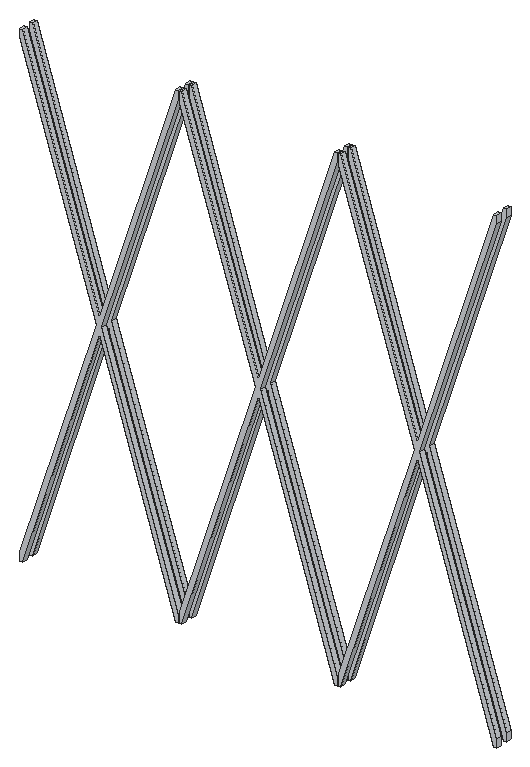
Revit family "873ad4df41d849138c997d43d0286210", category Generic Models, Revit 2021
Family settings
  Can host rebar = No
  Round Connector Dimension = Use Diameter
  Part Type = Normal
  Work Plane-Based = No
  Always vertical = Yes
  Cut with Voids When Loaded = No
  Shared = Yes
  Room Calculation Point = No
Parameters
  Width [instance] = 4' - 0"
  Thickness = 0' - 0 1/2"
  Height [instance] = 4' - 0"
  Interior Material [instance] = none
  Exterior Material [instance] = none
  Distance = 0' - 0 3/4"
  Default Elevation = 0' - 0"
Reference planes (in)
  plane 1 "Center (Front/Back)": y = 0
  plane 2: z = 0
  plane 3 "Center (Left/Right)": x = 0
  plane 4: z = 48
  plane 5: x = -24
  plane 6: x = 24
  plane 7: z = 24
  plane 8: x = -8
  plane 9: x = 8
Dimensions and locks (in)
  equal spacing: plane 6, plane 3 "Center (Left/Right)", plane 5
  "Width": plane 6 to plane 5
  "Height": plane 4 to plane 2
  equal spacing: plane 4, plane 7, plane 2
  equal spacing: plane 6, plane 9, plane 8, plane 5
  aligned and locked: plane 2 to level
  aligned and locked: plane 1 "Center (Front/Back)" to nested 1
  aligned and locked: plane 1 "Center (Front/Back)" to nested 2
  aligned and locked: plane 1 "Center (Front/Back)" to nested 3
  aligned and locked: plane 5 to nested 1
  aligned and locked: plane 8 to nested 1
  aligned and locked: plane 8 to nested 2
  aligned and locked: plane 9 to nested 2
  aligned and locked: plane 9 to nested 3
  aligned and locked: plane 6 to nested 3
  aligned and locked: plane 4 to nested 3
  aligned and locked: plane 4 to nested 2
  aligned and locked: plane 4 to nested 1
  aligned and locked: plane 2 to nested 1
  aligned and locked: plane 2 to nested 3
  aligned and locked: plane 2 to nested 2
Nested families (in)
  nested 1: "Muntin Pattern_Diamond" at (-16, 0, 0), Exterior Material <- "Exterior Material", Interior Material <- "Interior Material", type "Muntin Pattern_Diamond"
    with W 1' - 4", Interior Material none, H 4' - 0", Exterior Material none
  nested 2: "Muntin Pattern_Diamond" at (0, 0, 0), Exterior Material <- "Exterior Material", Interior Material <- "Interior Material", type "Muntin Pattern_Diamond"
    with W 1' - 4", Interior Material none, H 4' - 0", Exterior Material none
  nested 3: "Muntin Pattern_Diamond" at (16, 0, 0), Exterior Material <- "Exterior Material", Interior Material <- "Interior Material", type "Muntin Pattern_Diamond"
    with W 1' - 4", Interior Material none, H 4' - 0", Exterior Material none
Definition of nested family "Muntin Pattern_Diamond"
  Parameters (values of type "Muntin Pattern_Diamond")
    W [instance] = 4' - 0"
    Thickness = 0' - 0 1/2"
    H [instance] = 4' - 0"
    Interior Material [instance] = none
    Distance = 0' - 0 3/4"
    Exterior Material [instance] = none
    Default Elevation = 0' - 0"
  Reference planes (in)
    plane 1 "Center (Front/Back)": y = 0
    plane 2: z = 0
    plane 3 "Center (Left/Right)": x = 0
    plane 4: z = 48
    plane 5: x = -24
    plane 6: x = 24
    plane 7: z = 24
    plane 8: y = 0.375
    plane 9: y = -0.375
    plane 10: y = 0.875
    plane 11: y = -0.875
  Forms (in)
    Extrusion 1, solid, material <- "Exterior Material", detail levels fine
      sketch origin (-24, 0, 48) x (0.707107, 0, -0.707107) y (0.707107, 0, 0.707107)
        loop
          line (0, 0.25) -> (0, -0.25) -> (67.88225, -0.25) -> (67.88225, 0.25) -> (0, 0.25)
      from -0.875 to -0.375
    Extrusion 2, solid, material <- "Exterior Material", detail levels fine
      sketch origin (24, 0, 48) x (-0.707107, 0, -0.707107) y (0.707107, 0, -0.707107)
        loop
          line (67.88225, 0.25) -> (0, 0.25) -> (0, -0.25) -> (67.88225, -0.25) -> (67.88225, 0.25)
      from -0.875 to -0.375
    Extrusion 3, void
      sketch origin (0, 0, 0) x (1, 0, 0) y (0, 0, 1)
        loop
          line (-24, 48) -> (-24, 0) -> (24, 0) -> (24, 48) -> (-24, 48)
        loop
          line (-24.5, 48.5) -> (-24.5, -0.5) -> (24.5, -0.5) -> (24.5, 48.5) -> (-24.5, 48.5)
      from -0.875 to 0.875
    Extrusion 4, solid, material <- "Interior Material", detail levels fine
      sketch origin (-24, 0, 48) x (0.707107, 0, -0.707107) y (0.707107, 0, 0.707107)
        loop
          line (0, 0.25) -> (0, -0.25) -> (67.88225, -0.25) -> (67.88225, 0.25) -> (0, 0.25)
      from 0.375 to 0.875
    Extrusion 5, solid, material <- "Interior Material", detail levels fine
      sketch origin (24, 0, 48) x (-0.707107, 0, -0.707107) y (0.707107, 0, -0.707107)
        loop
          line (0, -0.25) -> (67.88225, -0.25) -> (67.88225, 0.25) -> (0, 0.25) -> (0, -0.25)
      from 0.375 to 0.875
  Cuts and joins
    Extrusion 3 cuts Extrusion 1
    Extrusion 3 cuts Extrusion 2
    joined: Extrusion 1, Extrusion 2
    Extrusion 3 cuts Extrusion 4
    Extrusion 3 cuts Extrusion 5
    joined: Extrusion 4, Extrusion 5
  Lines and regions (in)
    reference lines
      curve 1: line (-24, 0, 48) -> (24, 0, 0)
      curve 2: line (24, 0, 48) -> (-24, 0, 0)
      curve 3: line (-24, 0, 48) -> (-17.98959, 0, 54.01041)
      curve 4: line (24, 0, 0) -> (31.6014, 0, 7.6014)
      curve 5: line (-21.20495, 0, 44.8514) -> (16.78122, 0, 6.86522)
      curve 6: line (-20.8514, 0, 45.20495) -> (17.13478, 0, 7.21878)
      curve 7: line (24, 0, 48) -> (18.87348, 0, 53.12652)
      curve 8: line (-24, 0, 0) -> (-28.24264, 0, 4.24264)
      curve 9: line (-23.82322, 0, -0.17678) -> (22.31549, 0, 45.96194)
      curve 10: line (-24.17678, 0, 0.17678) -> (21.96194, 0, 46.31549)
    model lines, detail levels medium
      curve 11: line (24, 0.375, 0) -> (-24, 0.375, 48)
      curve 12: line (24, 0.375, 48) -> (-24, 0.375, 0)
      curve 13: line (24, -0.375, 0) -> (-24, -0.375, 48)
      curve 14: line (24, -0.375, 48) -> (-24, -0.375, 0)
  Dimensions and locks (in)
    equal spacing: plane 6, plane 3 "Center (Left/Right)", plane 5
    "W": plane 6 to plane 5
    "H": plane 4 to plane 2
    equal spacing: plane 4, plane 7, plane 2
    equal spacing: curve 5, curve 1, curve 6
    "Thickness": curve 5 to curve 6
    equal spacing: curve 9, curve 2, curve 10
    "Thickness": curve 9 to curve 10
    "Thickness": Extrusion 3 sketch curve to plane 6
    "Thickness": plane 2 to Extrusion 3 sketch curve
    "Thickness": plane 5 to Extrusion 3 sketch curve
    "Thickness": Extrusion 3 sketch curve to plane 4
    "Distance": plane 8 to plane 9
    equal spacing: plane 8, plane 1 "Center (Front/Back)", plane 9
    "Thickness": plane 10 to plane 8
    "Thickness": plane 9 to plane 11
    locked: curve 1 to curve 3 (angle 90.00°)
    locked: curve 4 to curve 1 (angle 90.00°)
    locked: curve 7 to curve 2 (angle 90.00°)
    locked: curve 2 to curve 8 (angle 90.00°)
    aligned and locked: plane 2 to level
    aligned and locked: plane 4 to curve 1
    aligned and locked: plane 5 to curve 1
    aligned and locked: plane 2 to curve 2
    aligned and locked: plane 5 to curve 2
    aligned and locked: plane 6 to curve 1
    aligned and locked: plane 2 to curve 1
    aligned and locked: plane 6 to curve 2
    aligned and locked: plane 4 to curve 2
    aligned and locked: plane 4 to curve 3
    aligned and locked: plane 5 to curve 3
    aligned and locked: plane 6 to curve 4
    aligned and locked: plane 2 to curve 4
    aligned and locked: Extrusion 1 sketch curve to curve 5
    aligned and locked: Extrusion 1 sketch curve to curve 3
    aligned and locked: Extrusion 1 sketch curve to curve 6
    aligned and locked: curve 6 to Extrusion 1 sketch curve
    aligned and locked: curve 5 to Extrusion 1 sketch curve
    aligned and locked: Extrusion 1 sketch curve to curve 4
    aligned and locked: curve 4 to Extrusion 1 sketch curve
    aligned and locked: plane 5 to curve 8
    aligned and locked: plane 2 to curve 8
    aligned and locked: plane 6 to curve 7
    aligned and locked: plane 4 to curve 7
    aligned and locked: Extrusion 2 sketch curve to curve 10  (x2)
    aligned and locked: Extrusion 2 sketch curve to curve 8  (x2)
    aligned and locked: curve 9 to Extrusion 2 sketch curve  (x2)
    aligned and locked: curve 7 to Extrusion 2 sketch curve
    aligned and locked: plane 5 to Extrusion 3 sketch curve
    aligned and locked: Extrusion 3 sketch curve to plane 4
    aligned and locked: Extrusion 3 sketch curve to plane 6
    aligned and locked: plane 2 to Extrusion 3 sketch curve
    aligned and locked: plane 10 to cut or joined group of Extrusion 1, Extrusion 2, Extrusion 3  (x2)
    aligned and locked: cut or joined group of Extrusion 1, Extrusion 2, Extrusion 3 to plane 8  (x2)
    aligned and locked: plane 10 to Extrusion 3
    aligned and locked: Extrusion 3 to plane 11
    aligned and locked: curve 3 to Extrusion 4 sketch curve
    aligned and locked: Extrusion 4 sketch curve to curve 3
    aligned and locked: Extrusion 4 sketch curve to curve 6
    aligned and locked: Extrusion 4 sketch curve to curve 5
    aligned and locked: Extrusion 4 sketch curve to curve 4
    aligned and locked: curve 6 to Extrusion 4 sketch curve
    aligned and locked: curve 5 to Extrusion 4 sketch curve
    aligned and locked: Extrusion 5 sketch curve to curve 9
    aligned and locked: Extrusion 5 sketch curve to curve 10
    aligned and locked: Extrusion 5 sketch curve to curve 7  (x2)
    aligned and locked: Extrusion 5 sketch curve to curve 8  (x2)
    aligned and locked: curve 9 to Extrusion 5 sketch curve
    aligned and locked: curve 10 to Extrusion 5 sketch curve
    aligned and locked: Extrusion 4 to plane 11
    aligned and locked: Extrusion 5 to plane 11
    aligned and locked: plane 9 to Extrusion 4
    aligned and locked: plane 9 to Extrusion 5
    aligned and locked: plane 2 to curve 11
    aligned and locked: plane 6 to curve 11
    aligned and locked: plane 5 to curve 11
    aligned and locked: plane 4 to curve 11
    aligned and locked: plane 5 to curve 12
    aligned and locked: plane 2 to curve 12
    aligned and locked: plane 4 to curve 12
    aligned and locked: plane 6 to curve 12
    aligned and locked: plane 2 to curve 13
    aligned and locked: plane 6 to curve 13
    aligned and locked: plane 4 to curve 14
    aligned and locked: plane 6 to curve 14
    aligned and locked: plane 4 to curve 13
    aligned and locked: plane 5 to curve 13
    aligned and locked: plane 2 to curve 14
    aligned and locked: plane 5 to curve 14
  Automatic sketch dimensions
    curve 1 to curve 6 = 0' - 4.20279"
    curve 1 to curve 5 = 0' - 4.20279"
    curve 5 to curve 1 = 0' - 9.95889"
    curve 6 to curve 5 = 0' - 0"
    curve 2 to curve 9 = 0' - 0"
    curve 2 to curve 9 = 0' - 2.63225"
    curve 2 to curve 10 = 0' - 2.63225"
